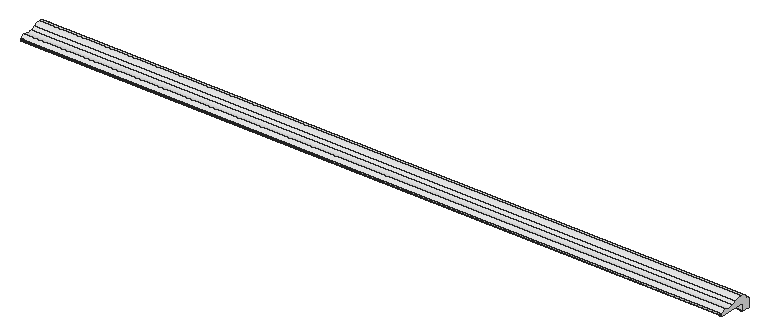
Revit family "13-MOULDING-CADS-133-PABEADCAP-4-REVIT_Versatex-Generic-Model-BEADBOARD-CAP", category Generic Models, host Face, Revit 2026
Family settings
  Host = Face
  Can host rebar = No
  Round Connector Dimension = Use Diameter
  Part Type = Normal
  Cut with Voids When Loaded = No
  Maintain Annotation Orientation = No
  Shared = No
  Room Calculation Point = No
Parameters
  Model = "PABEADCAP"
  Length = 4' - 0"
  Warranty = "https://versatex.com/warranty/"
  URL = "https://versatex.com/"
  Specification = "https://www.arcat.com/company/versatex-45716/spec?coid=45716"
  Sales Information = "https://versatex.com/dealer-locator/"
  Message Manufacturer = "https://versatex.com/contact/"
  Material = Versatex PVC - Smooth
  Manufacturer Website = "https://versatex.com/"
  Manufacturer Phone = "724-857-1111"
  Manufacturer Fax = "724-857-1171"
  Manufacturer Address = "400 Steel Street, Aliquippa, PA 15001"
  Manufacturer = "Versatex"
  Literature = "https://versatex.com/literature/?_sft_literature_category=cads"
  Description = "BEADBOARD CAP"
  Default Elevation = 4' - 0"
  Copyright = "© 2024 VERSATEX Building Products, LLC"
Reference planes (in)
  plane 1 "Center (Front/Back)": y = 0
  plane 2: z = 0
  plane 3 "Center (Left/Right)": x = 0
  plane 4: x = 24
  plane 5: x = -24
Forms (in)
  Sweep 1, solid, material "Versatex PVC - Smooth" <- "Material"
    path origin (0, 0, 0) x (1, 0, 0) y (0, 1, 0)
      loop
        line (-24, 0) -> (24, 0)
    profile "Versatex_Profile_BEADBOARD CAP : Versatex_Profile_BEADBOARD CAP" origin (0, 0, 0) x (0, 1, 0) y (0, 0, 1)
      loop
        arc (2.11631, 0.66894) -> (2.09845, 0.6747) -> (2.08734, 0.68982) r 0.03053
        arc (2.08734, 0.68982) -> (1.92703, 0.91218) -> (1.66689, 0.99866) r 0.44569
        arc (1.66689, 0.99866) -> (1.43153, 0.96866) -> (1.21353, 0.87501) r 0.85318
        line (1.21353, 0.87501) -> (0.95633, 0.75916)
        arc (0.95633, 0.75916) -> (0.63847, 0.69539) -> (0.32666, 0.78416) r 0.68853
        line (0.32666, 0.78416) -> (0.01645, 0.62297)
        arc (0.01645, 0.62297) -> (0.00444, 0.61173) -> (0, 0.59588) r 0.03053
        line (0, 0.59588) -> (0, 0.52714)
        arc (0, 0.52714) -> (0.00896, 0.50553) -> (0.03058, 0.49661) r 0.03053
        line (0.03058, 0.49661) -> (1.71874, 0.49965)
        arc (1.71874, 0.49965) -> (1.74036, 0.49073) -> (1.74932, 0.46913) r 0.03053
        line (1.74932, 0.46913) -> (1.74932, 0.06402)
        arc (1.74932, 0.06402) -> (1.75746, 0.04327) -> (1.77753, 0.03358) r 0.03053
        line (1.77753, 0.03358) -> (2.21715, 0)
        arc (2.21715, 0) -> (2.24022, 0.00805) -> (2.25, 0.03044) r 0.03053
        line (2.25, 0.03044) -> (2.25, 0.63841)
        arc (2.25, 0.63841) -> (2.24106, 0.66) -> (2.21947, 0.66894) r 0.03053
        line (2.21947, 0.66894) -> (2.11631, 0.66894)
Dimensions and locks (in)
  "Length": plane 5 to plane 4
  equal spacing: plane 5, plane 3 "Center (Left/Right)", plane 4, locked at 24 each
  aligned and locked: plane 2 to host face
  aligned and locked: level to host face
Automatic sketch dimensions
  host sketch curve to host sketch curve = 8' - 0"  (x2)
  plane 1 "Center (Front/Back)" to Sweep 1 sketch curve = 0' - 0"
  Sweep 1 sketch curve to plane 5 = 0' - 0"
  Sweep 1 sketch curve to plane 4 = 0' - 0"
